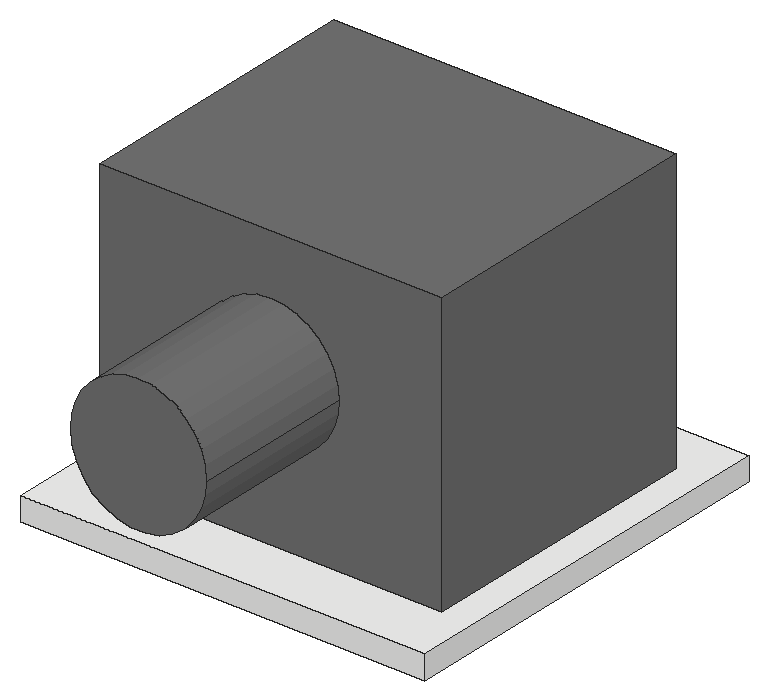
Revit family "vd-08_13zcc8-c_60Hz", category 機械設備, Revit 2019
Family settings
  丸型コネクタ寸法 = 直径を使用
  パーツ タイプ = 標準
  OmniClass 番号 = 23.75.35.17.27
  OmniClass タイトル = Centrifugal Fans
  作業面ベース = いいえ
  常に垂直 = はい
  ロード時にボイドで切り取り = いいえ
  共有 = いいえ
  部屋計算ポイント = はい
Parameters (values of type "VD-13ZCC8-C")
  騒音レベル(dB(A)) [instance] = 33
  風量 [instance] = 130.0 m³/h
  電源種別 [instance] = ""
  電圧 = 100 V
  電動機出力 = 0 W
  電動機_種別 [instance] = ""
  運転質量 = 0.00 kg
  連動 [instance] = ""
  質量 = if(製品質量 > 運転質量, 製品質量, 運転質量) * 1.2  # 2.16 kg
  負荷分類 = 3_ファン類
  説明 = "ダクト用換気扇 低騒音形 丸穴据付タイプ"
  設計風量 [instance] = 0.0 m³/h
  設置方法 = "天埋"
  記号 [instance] = ""
  製造元 = "三菱電機株式会社"
  製品質量 = 1.80 kg
  製品出荷対象 = "国内"
  製品リリース年月 = "2024年6月3日"
  製品グループ = ""
  系統 [instance] = ""
  符号 [instance] = if(☑給気／□排気, "FS", "FE")  # "FE"
  積算_科目 = "2 換気設備"
  積算_拾い区分 [instance] = ""
  相 = 1
  盤記号 [instance] = ""
  発停方法 [instance] = ""
  特殊仕様 [instance] = ""
  火災停止 [instance] = ""
  消費電力 = 16.5 W
  法定耐用年数 = "15"
  機外静圧 [instance] = 0.0 Pa
  極数 = 2
  材質 [instance] = ""
  操作・制御方式 = ""
  操作・制御スイッチ = ""
  排気量 [instance] = if(☑給気／□排気, 0.0 m³/h, 設計風量)  # 0.0 m³/h
  形式 = "天井埋込ダクト形"
  幹線記号 [instance] = ""
  対象室 [instance] = ""
  実風量 [instance] = 0.0 m³/h
  始動方式 [instance] = "直入"
  外気量 [instance] = if(☑給気／□排気, 設計風量, 0.0 m³/h)  # 0.0 m³/h
  呼称 = "天井扇"
  周波数 = 60 Hz
  参照している仕様書等のバージョン = ""
  分類コード = "50052503100030"
  分類グループ = ""
  価格 = 23700
  企業コード = "108420"
  付属品_防振装置 = ""
  付属品 [instance] = ""
  仕様書バージョン = "Version1.0"
  モデル = "VD-13ZCC8-C"
  マテリアル = 合成樹脂(黒)
  ファンの種類 = ""
  ダクト径 = 100 mm
  コメント [instance] = ""
  Keynote = ""
  カバーマテリアル = 合成樹脂(白)
  ☑給気／□排気 [instance] = no
  Width = 245 mm
  W1 = 290 mm
  Version = ""
  Uniclass2015Version = "Systems v1.9"
  Uniclass2015Title = "Centrifugal fans"
  Uniclass2015Code = "Pr_65_67_29_12"
  URL = "https://www.mitsubishielectric.co.jp/ldg/wink/qr/002/333583/"
  SpecificationReference = ""
  SpecificationDescription = ""
  Revision = ""
  ProductInformation = ""
  OmniClassCode = "23-33 31 19 11 15"
  OAサイズ_D = 0 mm
  MIN風量 = 0.0 m³/h
  MIN静圧 = 0.0 Pa
  MID風量 = 0.0 m³/h
  MID静圧 = 0.0 Pa
  MAX風量 = 130.0 m³/h
  MAX静圧 = 0.0 Pa
  IfcTypeProduct = ""
  IfcProduct = ""
  IfcExportType = "PROPELLORAXIAL"
  IfcExportAs = "IfcFanType"
  Height = 202 mm
  H1 = 17 mm
  EAサイズ_D = 98 mm
  Duct_Height = 110 mm
  Duct_Depth = 118 mm
  Duct_D = 220 mm
  Duct_Center = 0 mm
  Depth = 210 mm
  D1 = 290 mm
  Author = "三菱電機株式会社"
Types (3, lengths in mm): name | 騒音レベル(dB(A)) | 風量 | 質量 | 製品質量 | 消費電力 | 価格 | モデル | Width | W1 | URL | MAX風量 | Height | H1 | Duct_Height | Duct_Depth | Depth | D1
  VD-08ZCC8-C | 25 | 50.0 m³/h | 1.56 kg | 1.30 kg | 5 W | 18500 | "VD-08ZCC8-C" | 165 | 200 | "https://www.mitsubishielectric.co.jp/ldg/wink/qr/002/333547/" | 50.0 m³/h | 179 | 17 | 102 | 88 | 150 | 200
  VD-10ZCC8-C | 31.5 | 95.0 m³/h | 1.68 kg | 1.40 kg | 10.5 W | 20500 | "VD-10ZCC8-C" | 195 | 230 | "https://www.mitsubishielectric.co.jp/ldg/wink/qr/002/333559/" | 95.0 m³/h | 187 | 18 | 102 | 113 | 174 | 230
  VD-13ZCC8-C | 33 | 130.0 m³/h | 2.16 kg | 1.80 kg | 16.5 W | 23700 | "VD-13ZCC8-C" | 245 | 290 | "https://www.mitsubishielectric.co.jp/ldg/wink/qr/002/333583/" | 130.0 m³/h | 202 | 17 | 110 | 118 | 210 | 290
Reference planes
  plane 1 "中心(正面/背面)": y = 0
  plane 2: z = 0
  plane 3 "中心(左/右)": x = 0
  plane 4: x = -145
  plane 5: x = 145
  plane 6: y = 145
  plane 7: y = -145
  plane 8: x = -122.5
  plane 9: x = 122.5
  plane 10: y = 108
  plane 11: y = -102
  plane 12: y = -220
  plane 13: z = 202
  plane 14: z = -17
  plane 15: z = 110
  plane 16: x = 0
Forms (mm)
  Extrusion 1, solid, material "合成樹脂(黒)" <- "マテリアル", detail levels fine
    sketch origin (0, 0, 0) x (1, 0, 0) y (0, 1, 0)
      loop
        line (-122.5, 108) -> (-122.5, -102) -> (122.5, -102) -> (122.5, 108) -> (-122.5, 108)
    from 0 to 202
  Extrusion 2, solid, material "合成樹脂(白)" <- "カバーマテリアル", detail levels fine
    sketch origin (0, 0, 0) x (1, 0, 0) y (0, 1, 0)
      loop
        line (-145, 145) -> (-145, -145) -> (145, -145) -> (145, 145) -> (-145, 145)
    from 0 to -17
  Extrusion 3, solid, material "合成樹脂(黒)" <- "マテリアル", detail levels fine
    sketch origin (0, 0, 0) x (1, 0, 0) y (0, 0, 1)
      loop
        circle (0, 110) r 49
    from 102 to 220
Dimensions and locks
  equal spacing: plane 4, plane 3 "中心(左/右)", plane 5
  "W1": plane 4 to plane 5
  equal spacing: plane 6, plane 1 "中心(正面/背面)", plane 7
  "D1": plane 6 to plane 7
  equal spacing: plane 8, plane 3 "中心(左/右)", plane 9
  "Width": plane 8 to plane 9
  "Depth": plane 10 to plane 11
  "Duct_Depth": plane 11 to plane 12
  "Height": plane 13 to plane 2
  "Duct_Height": plane 15 to plane 2
  "H1": plane 2 to plane 14
  "Duct_Center": plane 3 "中心(左/右)" to plane 16
  "Duct_D": plane 12 to plane 1 "中心(正面/背面)"
  "EAサイズ_D": diameter of Extrusion 3 sketch curve
  aligned and locked: level to plane 2
  aligned and locked: plane 5 to Extrusion 2
  aligned and locked: plane 6 to Extrusion 2
  aligned and locked: Extrusion 2 to plane 4
  aligned and locked: Extrusion 2 to plane 7
  aligned and locked: plane 9 to Extrusion 1
  aligned and locked: Extrusion 1 to plane 11
  aligned and locked: Extrusion 1 to plane 8
  aligned and locked: plane 10 to Extrusion 1
  aligned and locked: plane 13 to Extrusion 1
  aligned and locked: Extrusion 2 to plane 14
  aligned and locked: level to Extrusion 2
  aligned and locked: Extrusion 1 to level
  aligned and locked: Extrusion 3 to plane 12
  aligned and locked: plane 11 to Extrusion 3
Automatic sketch dimensions
  Extrusion 1 sketch curve to plane 3 "中心(左/右)" = 122.5 mm
  plane 3 "中心(左/右)" to Extrusion 1 sketch curve = 122.5 mm
  Extrusion 2 sketch curve to plane 3 "中心(左/右)" = 145 mm
  plane 3 "中心(左/右)" to Extrusion 2 sketch curve = 145 mm
  plane 1 "中心(正面/背面)" to Extrusion 1 sketch curve = 102 mm
  Extrusion 1 sketch curve to plane 1 "中心(正面/背面)" = 108 mm
  plane 1 "中心(正面/背面)" to Extrusion 2 sketch curve = 145 mm
  Extrusion 2 sketch curve to plane 1 "中心(正面/背面)" = 145 mm
  Extrusion 3 sketch curve to plane 15 = 0 mm
  Extrusion 3 sketch curve to plane 16 = 0 mm
Nested families
  nested 1: "記号_天井換気扇_平面" at (0, 0, 0), type "記号_天井換気扇_平面", detail levels coarse+medium
Connectors
  hvac at (0, -220, 110), driven by "ダクト径", driven by "風量", driven by "機外静圧"
    settings: on Extrusion 3, index 1, duct flow 130.0 m³/h, flow factor 0, pres drop 0.0 Pa, loss coef 0, conn angle 0.00°, conn width 304.8 mm, conn height 304.8 mm, conn diameter 100 mm, duct sys type 3, conn prof type 0, flow config 0, flow direction 2, loss method 4, conn ref index -1, conn util no, is conn primary yes, conn desc ""
  electrical at (0, 3, 202), driven by "極数", driven by "負荷分類", driven by "電圧", driven by "消費電力"
    settings: on Extrusion 1, index 2, voltage 100 V, apparent load 16.5 VA, apparent load phase1 0 VA, apparent load phase2 0 VA, apparent load phase3 0 VA, power factor 1, load classification "3_ファン類", number of poles 2, system type 30, power factor state 1, is connector primary yes, connector utility no, sub classification motor no, connector description ""
Definition of nested family "記号_天井換気扇_平面"
  Reference planes
    plane 1: y = 0
    plane 2: x = 0
  Lines and regions (mm)
    detail lines
      curve 1: line (-2.5, 2.5, 0) -> (2.5, 2.5, 0)
      curve 2: line (-2.5, -2.5, 0) -> (-2.5, 2.5, 0)
      curve 3: line (2.5, -2.5, 0) -> (-2.5, -2.5, 0)
      curve 4: line (2.5, 2.5, 0) -> (2.5, -2.5, 0)
      curve 5: circle (-1.04, -1.04, 0) r 1.46 normal (0, 0, 1)
      curve 6: circle (1.04, 1.04, 0) r 1.46 normal (0, 0, 1)
      curve 7: line (-3.125, 3.125, 0) -> (3.125, 3.125, 0)
      curve 8: line (-3.125, -3.125, 0) -> (-3.125, 3.125, 0)
      curve 9: line (3.125, -3.125, 0) -> (-3.125, -3.125, 0)
      curve 10: line (3.125, 3.125, 0) -> (3.125, -3.125, 0)
      curve 11: circle (1.295, 1.295, 0) r 1.83 normal (0, 0, 1)
      curve 12: circle (-1.295, -1.295, 0) r 1.83 normal (0, 0, 1)
      curve 13: line (-2, 2, 0) -> (2, 2, 0)
      curve 14: line (-2, -2, 0) -> (-2, 2, 0)
      curve 15: line (2, -2, 0) -> (-2, -2, 0)
      curve 16: line (2, 2, 0) -> (2, -2, 0)
      curve 17: circle (0.84, 0.84, 0) r 1.16 normal (0, 0, 1)
      curve 18: circle (-0.84, -0.84, 0) r 1.2 normal (0, 0, 1)
